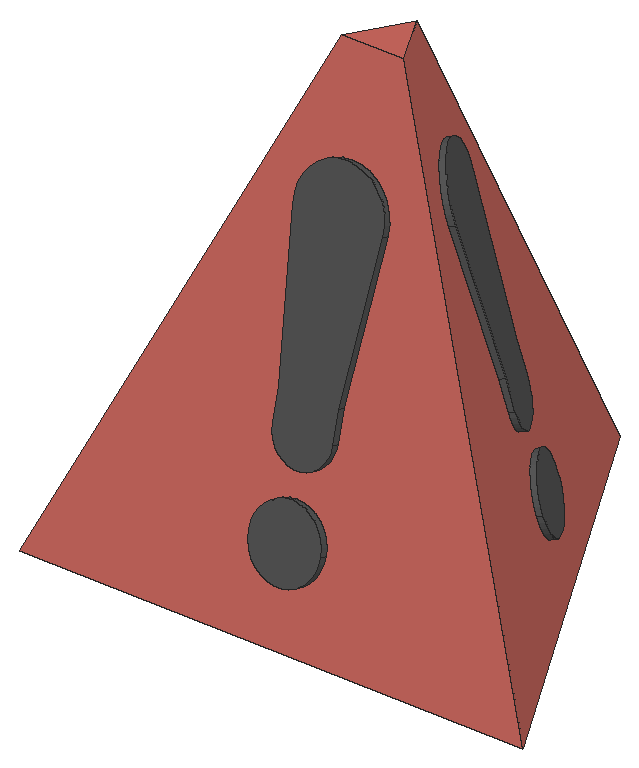
Revit family "Risk-Traffic", category Generic Models, Revit 2020
Family settings
  Can host rebar = No
  Round Connector Dimension = Use Diameter
  Part Type = Normal
  Work Plane-Based = No
  Always vertical = Yes
  Cut with Voids When Loaded = No
  Shared = No
  Room Calculation Point = Yes
Parameters
  Who is Likely to be Harmed [instance] = ""
  RiskBlock = Laminate, Red, Matte
  Risk Number [instance] = 0
  Risk Management Action Required [instance] = ""
  PD to include in Pre-Construct Info? [instance] = yes
  PD to include in Health and Safety File? [instance] = yes
  List Possible Hazards [instance] = ""
  Is the Risk Acceptable? [instance] = yes
  Exclamation = Laminate, Black
  Element of Design [instance] = ""
  Drawing/Spec. Reference [instance] = ""
  Default Elevation = 0 mm
  Date Risk or Hazard Removed & By Whom [instance] = ""
  Action Required By Who and By When [instance] = ""
Reference planes
  plane 1 "Center (Front/Back)": y = 0
  plane 2: z = 0
  plane 3 "Center (Left/Right)": x = 0
  plane 4 "Top": z = 800
Forms (mm)
  Extrusion 1, solid, material "Laminate, Black" <- "Exclamation"
    sketch origin (212.783, -257.679, -63.357) x (1, 0, 0) y (0, 0.254936, 0.966958)
      loop
        circle (-211.695, 212.66) r 60
      loop
        arc (-262.719, 362.315) -> (-212.378, 312.658) -> (-162.721, 362.999) r 50
        line (-162.721, 362.999) -> (-163.063, 412.997) -> (-140.104, 655.583)
        arc (-140.104, 655.583) -> (-215.283, 737.648) -> (-289.333, 654.563) r 75
        line (-289.333, 654.563) -> (-263.06, 412.314) -> (-262.719, 362.315)
    from 0 to 10
  Extrusion 2, solid, material "Laminate, Black" <- "Exclamation"
    sketch origin (222.945, 127.243, -62.445) x (-0.5, 0.866025, 0) y (-0.220211, -0.127139, 0.967131)
      loop
        circle (1.287, 211.098) r 60
      loop
        line (51.287, 361.098) -> (51.287, 411.098) -> (75.904, 653.521)
        arc (75.904, 653.521) -> (1.287, 736.098) -> (-73.329, 653.521) r 75
        line (-73.329, 653.521) -> (-48.713, 411.098) -> (-48.713, 361.098)
        arc (-48.713, 361.098) -> (1.287, 311.098) -> (51.287, 361.098) r 50
    from 0 to 10
  Extrusion 3, solid, material "Laminate, Black" <- "Exclamation"
    sketch origin (-216.457, 134.846, -61.837) x (-0.5, -0.866025, 0) y (0.218654, -0.12624, 0.967602)
      loop
        line (-75.018, 652.702) -> (-50.401, 410.278) -> (-50.401, 360.278)
        arc (-50.401, 360.278) -> (-0.401, 310.278) -> (49.599, 360.278) r 50
        line (49.599, 360.278) -> (49.599, 410.278) -> (74.215, 652.702)
        arc (74.215, 652.702) -> (-0.401, 735.278) -> (-75.018, 652.702) r 75
      loop
        circle (-0.401, 210.278) r 60
    from 10 to 0
  Blend 4, solid, material "Laminate, Red, Matte" <- "RiskBlock"
    base sketch origin (0, 0, 0) x (1, 0, 0) y (0, 1, 0)
      loop
        line (0.886, 479.025) -> (-414.806, -240.975) -> (416.578, -240.975) -> (0.886, 479.025)
    top sketch origin (0, 0, 0) x (1, 0, 0) y (0, 1, 0)
      loop
        line (-0.032, 59.943) -> (-51.993, -30.057) -> (51.93, -30.057) -> (-0.032, 59.943)
    from 0 to 800
Dimensions and locks
  plane 4 "Top" to plane 2 = 800 mm
  aligned and locked: level to plane 2
  aligned and locked: Extrusion 2 to Blend 4
Nested families
  nested 1: "RiskSymbol-Traffic" at (-0.962, 0, 0), type "RiskSymbol-Traffic"
Definition of nested family "RiskSymbol-Traffic"
  Reference planes
    plane 1: y = 0
    plane 2: x = 0
  Lines and regions (mm)
    Filled region 1, type "Red Fill"
      outline origin (-1.25, -1.25, 0) x (1, 0, 0) y (0, 1, 0)
        loop
          arc (3.701, -0.005) -> (4.35, 0.37) -> (4.35, 1.12) r 0.75
          line (4.35, 1.12) -> (2.074, 5.063)
          arc (2.074, 5.063) -> (1.424, 5.438) -> (0.775, 5.063) r 0.75
          line (0.775, 5.063) -> (-1.502, 1.12)
          arc (-1.502, 1.12) -> (-1.502, 0.37) -> (-0.852, -0.005) r 0.75
          line (-0.852, -0.005) -> (3.701, -0.005)
        loop
          line (6.273, 3.207) -> (5.587, 1.293)
          arc (5.587, 1.293) -> (6.266, 1.121) -> (6.945, 1.293) r 1.434
          line (6.945, 1.293) -> (6.273, 3.207)
        loop
          line (4.068, -1.503) -> (2.862, -1.922) -> (5.457, -3.081)
          arc (5.457, -3.081) -> (6.273, -3.255) -> (7.088, -3.081) r 2
          line (7.088, -3.081) -> (9.683, -1.922) -> (8.47, -1.501)
          arc (8.47, -1.501) -> (6.269, -2.425) -> (4.068, -1.503) r 3.084
        loop
          line (5.229, 0.295) -> (4.791, -0.929)
          arc (4.791, -0.929) -> (6.258, -1.344) -> (7.726, -0.929) r 2.799
          line (7.726, -0.929) -> (7.296, 0.295)
          arc (7.296, 0.295) -> (6.263, 0.113) -> (5.229, 0.295) r 3.031
        loop
          arc (-4.845, 8.595) -> (-5.198, 8.448) -> (-5.345, 8.095) r 0.5
          line (-5.345, 8.095) -> (-5.345, 2.13)
          arc (-5.345, 2.13) -> (-5.198, 1.776) -> (-4.845, 1.63) r 0.5
          line (-4.845, 1.63) -> (-4.045, 1.63) -> (-4.045, -3.54) -> (-3.245, -3.54) -> (-3.245, 1.63) -> (-2.445, 1.63)
          arc (-2.445, 1.63) -> (-2.091, 1.776) -> (-1.945, 2.13) r 0.5
          line (-1.945, 2.13) -> (-1.945, 8.095)
          arc (-1.945, 8.095) -> (-2.091, 8.448) -> (-2.445, 8.595) r 0.5
          line (-2.445, 8.595) -> (-4.845, 8.595)
        loop
          circle (-3.683, 5.112) r 0.852
        loop
          circle (-3.683, 7.262) r 0.852
        loop
          circle (-3.683, 2.962) r 0.852
        loop
          line (0.809, 3.915) -> (1.024, 1.515) -> (1.824, 1.515) -> (2.042, 3.915) -> (0.809, 3.915)
        loop
          line (1.907, 0.415) -> (1.907, 1.271) -> (0.94, 1.271) -> (0.94, 0.415) -> (1.907, 0.415)
  Text (mm)
    text "Risk: Traffic Management" at (0.842, -7.567, 0)
